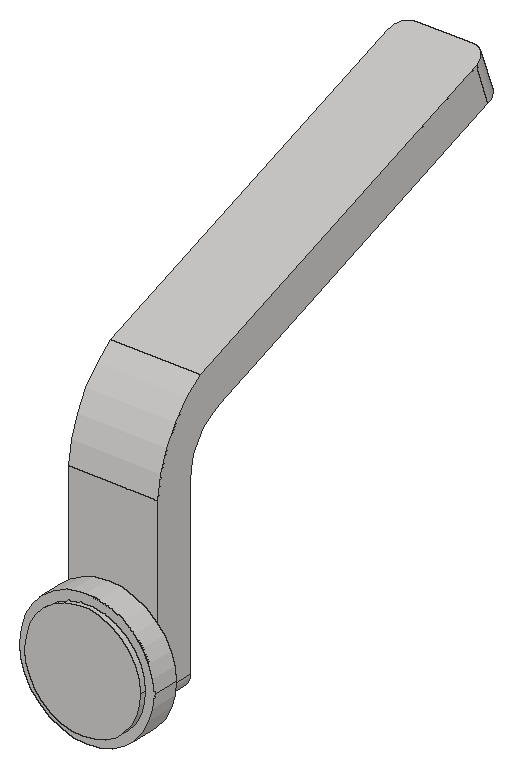
Revit family "S-1570", category Plumbing Fixtures, host Wall, Revit 2023
Family settings
  Host = Wall
  Round Connector Dimension = Use Diameter
  Part Type = Normal
  OmniClass Number = 23.45.00.00
  OmniClass Title = Sanitary, Laundry, and Cleaning Equipment
  Enable Cutting in Views = No
  Always vertical = Yes
  Cut with Voids When Loaded = No
  Maintain Annotation Orientation = No
  Shared = No
  Room Calculation Point = No
Parameters
  Default Elevation = 0' - 0"
Reference planes (in)
  plane 1: y = 0
  plane 2 "Center (Left/Right)": x = -0.47711
  plane 3 "Back": y = 3.08964
  plane 4: z = 36
  plane 5: y = 3.7797
  plane 6: y = 4.5297
  plane 7: y = 11.77451
  plane 8: z = 34.75
  plane 9: y = 10.77451
  plane 10: through (0, 10.77451, 41.08179) normal (0, -0.9397, -0.342)
  plane 11: z = 41.6875
  plane 12: x = 0.80414
  plane 13: x = -1.75836
  plane 14: y = 10.67264
Forms (in)
  Extrusion 1, solid, material "Metal"
    sketch origin (-0.47711, 3, 0) x (0, 1, 0) y (0, 0, 1)
      loop
        line (8.77451, 42.19576) -> (8.50454, 42.9375) -> (1.77477, 40.48806)
        arc (1.77477, 40.48806) -> (1.08016, 39.77843) -> (0.7797, 38.83199) r 2.14445
        line (0.7797, 38.83199) -> (0.7797, 35.32726) -> (1.5297, 35.32726) -> (1.5297, 38.81978)
        arc (1.5297, 38.81978) -> (1.70456, 39.41845) -> (2.19667, 39.80162) r 1.01428
        line (2.19667, 39.80162) -> (8.77451, 42.19576)
    from -0.82411 to 0.83294
  Extrusion 2, solid, material "Metal"
    sketch origin (-60, 3.08964, 0) x (-1, 0, 0) y (0, 0, 1)
      loop
        circle (-59.52289, 36) r 1.25
    from 0.0928 to 0.58792
  Extrusion 3, solid, material "Metal"
    sketch origin (-60, 3.08964, 0) x (-1, 0, 0) y (0, 0, 1)
      loop
        circle (-59.52289, 36) r 0.82411
    from 0.58792 to 0.69005
  Extrusion 4, void
    sketch origin (-0.47711, 11.26962, 42.85199) x (0, 0.939693, 0.34202) y (1, 0, 0)
      loop
        arc (-0.08275, 0.83294) -> (0.15254, 0.73548) -> (0.25, 0.50019) r 0.33275
        line (0.25, 0.50019) -> (0.25, 0.00442) -> (0.25, -0.52276)
        arc (0.25, -0.52276) -> (0.16174, -0.73585) -> (-0.05135, -0.82411) r 0.30135
        line (-0.05135, -0.82411) -> (0.57999, -0.82411) -> (0.57999, 0.83294) -> (-0.08275, 0.83294)
    from 0 to 0.78935
  Extrusion 5, void
    sketch origin (-0.47711, 4.5297, 35.26096) x (0, 0, -1) y (1, 0, 0)
      loop
        arc (-0.34012, 0.83294) -> (-0.1465, 0.75274) -> (-0.0663, 0.55911) r 0.27383
        line (-0.0663, 0.55911) -> (-0.0663, -0.55028)
        arc (-0.0663, -0.55028) -> (-0.1465, -0.74391) -> (-0.34012, -0.82411) r 0.27383
        line (-0.34012, -0.82411) -> (0.20675, -0.82411) -> (0.20675, 0.83294) -> (-0.34012, 0.83294)
    from 0 to 0.75
  Extrusion 6, solid, material "Metal"
    sketch origin (-60, 3.67756, 0) x (-1, 0, 0) y (0, 0, 1)
      loop
        circle (-59.52289, 36) r 1.07832
    from -0.58792 to -0.49512
Cuts and joins
  Extrusion 4, Extrusion 5 cuts Extrusion 1
  Extrusion 5 cuts Extrusion 2
  Extrusion 5 cuts Extrusion 3
Text (in)
  text "Placement Side" at (0, 40.15149, 123.01588), in view "Right"
  text "Placement Side" at (-70.3804, 45.82615, 0), in view "Ref. Level"
  text "Placement Side" at (0, 47.49176, 113.10569), in view "Left"
Dimensions and locks (in)
  locked: plane 3 "Back" to host wall
  locked: plane 5 to plane 3 "Back" at 0.69005
  Extrusion 1 sketch curve to plane 3 "Back" = 0' - 8.68487"
  locked: plane 6 to plane 3 "Back" at 1.44005
  plane 7 to plane 3 "Back" = 0' - 8.68487"
  Extrusion 1 to plane 8 = 0' - 8 3/16"
  plane 7 to Extrusion 6 = 0' - 8.68487"
  plane 9 to Extrusion 6 = 0' - 7.68487"
  locked: plane 14 to plane 3 "Back" at 7.583
  angle plane 10 to plane 9 = 20.00°
  aligned and locked: plane 5 to Extrusion 1
  aligned and locked: plane 6 to Extrusion 1
  aligned and locked: Extrusion 3 to Extrusion 2
  aligned and locked: Extrusion 3 to Extrusion 1
  aligned and locked: plane 14 to nested 1
  aligned and locked: Extrusion 6 to cut or joined group of Extrusion 2, Extrusion 5
  aligned and locked: plane 3 "Back" to Extrusion 6
Automatic sketch dimensions
  Extrusion 2 sketch curve to plane 2 "Center (Left/Right)" = 0' - 0"
  Extrusion 2 sketch curve to plane 4 = 0' - 0"
  Extrusion 1 sketch curve to plane 5 = 0' - 0"
  Extrusion 1 sketch curve to plane 6 = 0' - 0"
  Extrusion 1 sketch curve to plane 6 = 0' - 0.24507"
  Extrusion 1 sketch curve to plane 6 = 0' - 0.66697"
  Extrusion 1 sketch curve to plane 6 = 0' - 1.01388"
  Extrusion 1 sketch curve to Extrusion 1 sketch curve = 0' - 0.37474"
  plane 7 to Extrusion 1 sketch curve = 0' - 0.26997"
  Extrusion 1 sketch curve to plane 8 = 0' - 0.57726"
  plane 4 to Extrusion 1 sketch curve = 0' - 2.67396"
  Extrusion 1 sketch curve to Extrusion 1 sketch curve = 0' - 0.14582"
  Extrusion 1 sketch curve to Extrusion 1 sketch curve = 0' - 0.01221"
  Extrusion 3 sketch curve to plane 2 "Center (Left/Right)" = 0' - 0"
  Extrusion 3 sketch curve to plane 4 = 0' - 0"
  Extrusion 4 sketch curve to Extrusion 1 = 0' - 0"  (x3)
  Extrusion 4 sketch curve to Extrusion 4 sketch curve = 0' - 0.30135"
  Extrusion 4 sketch curve to Extrusion 4 sketch curve = 0' - 0.33275"
  Extrusion 4 sketch curve to Extrusion 1 = 0' - 0.32999"
  Extrusion 4 sketch curve to Extrusion 4 sketch curve = 0' - 0.49577"
  Extrusion 5 sketch curve to Extrusion 1 = 0' - 0"  (x2)
  Extrusion 1 to Extrusion 5 sketch curve = 0' - 0"
  Extrusion 5 sketch curve to Extrusion 1 = 0' - 0.27383"  (x2)
  Extrusion 1 to Extrusion 5 sketch curve = 0' - 0.27305"
  Extrusion 5 sketch curve to Extrusion 5 sketch curve = 0' - 0"
  radius of Extrusion 2 sketch curve = 0' - 1 1/4"
  radius of Extrusion 3 sketch curve = 0' - 0.82411"
  radius of Extrusion 6 sketch curve to Extrusion 2 = 0' - 0.17168"
Nested families (in)
  nested 1: "Family4" at (-0.47711, 10.67264, 32.04036) x (0, -1, 0) z (0, 0, 1), type "Family4"
Definition of nested family "Family4"
  Parameters
    Default Elevation = 0' - 0"
  Reference planes (in)
    plane 1 "Center (Front/Back)": y = 0
    plane 2: z = 0
    plane 3 "Center (Left/Right)": x = 0
  Forms (in)
    Revolve 1, solid
      sketch origin (0, 0, 0) x (1, 0, 0) y (0, 0, 1)
        loop
          line (0, 9.75) -> (-0.34806, 9.87668) -> (-0.27611, 9.75206) -> (-0.23656, 9.73767) -> (-0.23656, 9.68385) -> (-0.04893, 9.61556) -> (0, 9.75)
        axis (0, 9.75) -> (-0.04893, 9.61556)
      angle from 0 to 360
  Dimensions and locks (in)
    aligned and locked: level to plane 2
